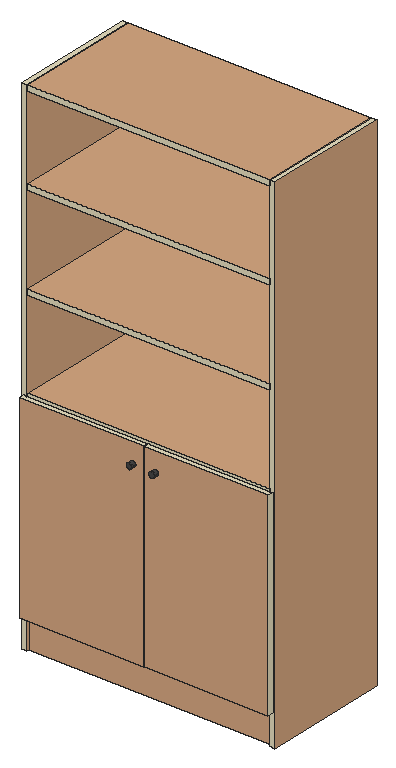
Revit family "f091ae7aadca416c97466cd7a7d3aab0", category Mobilier, Revit 2021
Family settings
  Basée sur le plan de construction = Non
  Toujours verticalement = Oui
  Couper avec des vides une fois chargée = Non
  Partagée = Non
  Point de calcul de pièce = Non
Parameters (values of type "900mm x 450mm")
  Poignée = Plastique - Noir
  Elévation par défaut = 0 mm
  Profondeur = 450 mm
  Chants = Bois - Mélaminé beige
  Panneaux = Bois - Mélaminé brun
  Largeur = 900 mm
  Hauteur = 1800 mm
Reference planes
  plane 1 "Centre (avant/arrière)": y = 50
  plane 2: z = 0
  plane 3 "Centre (gauche/droite)": x = 100
  plane 4: x = -350
  plane 5: x = 550
  plane 6 "F": y = 275
  plane 7 "A": y = -175
  plane 8 "HP": z = 100
  plane 9 "H": z = 1800
  plane 10: z = 800
  plane 11: x = 60
  plane 12: x = 140
  plane 13: z = 1133.333
  plane 14: z = 1466.667
  plane 15: z = 740
  plane 16: z = 1781
Forms (mm)
  Extrusion 1, solid, material "Bois - Mélaminé brun" <- "Panneaux"
    sketch origin (0, 0, 0) x (1, 0, 0) y (0, 1, 0)
      loop
        line (-350, -175) -> (-331, -175) -> (-331, 275) -> (-350, 275) -> (-350, -175)
      loop
        line (531, 275) -> (531, -175) -> (550, -175) -> (550, 275) -> (531, 275)
    from 0 to 1800
  Extrusion 2, solid, material "Bois - Mélaminé brun" <- "Panneaux"
    sketch origin (0, 0, 0) x (1, 0, 0) y (0, 1, 0)
      loop
        line (-331, -165) -> (531, -165) -> (531, -146) -> (-331, -146) -> (-331, -165)
    from 0 to 100
  Extrusion 3, solid, material "Bois - Mélaminé brun" <- "Panneaux"
    sketch origin (0, 0, 0) x (1, 0, 0) y (0, 1, 0)
      loop
        line (-331, 265) -> (531, 265) -> (531, 275) -> (-331, 275) -> (-331, 265)
    from 0 to 1781
  Extrusion 4, solid, material "Bois - Mélaminé brun" <- "Panneaux"
    sketch origin (0, 0, 1800) x (0, -1, 0) y (1, 0, 0)
      loop
        line (-275, -331) -> (175, -331) -> (175, 531) -> (-275, 531) -> (-275, -331)
    from 0 to -19
  Extrusion 5, solid, material "Bois - Mélaminé brun" <- "Panneaux"
    sketch origin (0, 275, 0) x (1, 0, 0) y (0, 0, 1)
      loop
        line (-331, 1466.667) -> (531, 1466.667) -> (531, 1485.667) -> (-331, 1485.667) -> (-331, 1466.667)
      loop
        line (-331, 1133.333) -> (531, 1133.333) -> (531, 1152.333) -> (-331, 1152.333) -> (-331, 1133.333)
      loop
        line (-331, 800) -> (531, 800) -> (531, 819) -> (-331, 819) -> (-331, 800)
      loop
        line (-331, 100) -> (531, 100) -> (531, 119) -> (-331, 119) -> (-331, 100)
    from 10 to 450
  Extrusion 6, solid, material "Bois - Mélaminé brun" <- "Panneaux"
    sketch origin (0, -175, 0) x (1, 0, 0) y (0, 0, 1)
      loop
        line (-340, 810) -> (-340, 109) -> (98, 109) -> (98, 810) -> (-340, 810)
      loop
        line (540, 810) -> (102, 810) -> (102, 109) -> (540, 109) -> (540, 810)
    from 0 to 19
  Extrusion 7, solid, material "Plastique - Noir" <- "Poignée", detail levels fine
    sketch origin (0, -175, 0) x (1, 0, 0) y (0, 0, 1)
      loop
        circle (60, 740) r 10
      loop
        circle (140, 740) r 10
    from 19 to 34
Dimensions and locks
  equal spacing: plane 4, plane 3 "Centre (gauche/droite)", plane 5
  equal spacing: plane 7 "A", plane 1 "Centre (avant/arrière)", plane 6 "F"
  "Largeur": plane 4 to plane 5
  "Profondeur": plane 7 "A" to plane 6 "F"
  locked: plane 8 "HP" to level at 100
  "Hauteur": plane 9 "H" to level
  locked: plane 10 to plane 8 "HP" at 700
  locked: plane 4 to Extrusion 1 sketch curve at 19
  locked: Extrusion 1 sketch curve to plane 5 at 19
  locked: plane 4 to Extrusion 2 sketch curve at 19
  locked: Extrusion 2 sketch curve to plane 5 at 19
  locked: Extrusion 2 sketch curve to Extrusion 2 sketch curve at 19
  locked: plane 7 "A" to Extrusion 2 sketch curve at 10
  equal spacing: plane 9 "H", plane 14, plane 13, plane 10
  locked: Extrusion 3 sketch curve to Extrusion 3 sketch curve at 10
  locked: plane 4 to Extrusion 3 sketch curve at 19
  locked: Extrusion 3 sketch curve to plane 5 at 19
  locked: Extrusion 5 sketch curve to Extrusion 5 sketch curve at 19  (x4)
  locked: Extrusion 5 sketch curve to plane 4 at 19
  locked: plane 5 to Extrusion 5 sketch curve at 19
  locked: Extrusion 6 sketch curve to plane 10 at 10  (x2)
  locked: Extrusion 6 sketch curve to plane 4 at 10
  locked: plane 3 "Centre (gauche/droite)" to Extrusion 6 sketch curve at 2
  locked: Extrusion 6 sketch curve to plane 8 "HP" at 9  (x2)
  locked: plane 5 to Extrusion 6 sketch curve at 10
  locked: Extrusion 6 sketch curve to plane 3 "Centre (gauche/droite)" at 2
  plane 11 to plane 3 "Centre (gauche/droite)" to plane 12 = 40 mm locked, 40 mm locked
  locked: plane 10 to plane 15 at 60
  locked: plane 9 "H" to plane 16 at 19
  aligned and locked: Extrusion 1 sketch curve to plane 6 "F"
  aligned and locked: plane 7 "A" to Extrusion 1 sketch curve
  aligned and locked: Extrusion 1 sketch curve to plane 4
  aligned and locked: plane 6 "F" to Extrusion 1 sketch curve
  aligned and locked: Extrusion 1 sketch curve to plane 7 "A"
  aligned and locked: Extrusion 1 sketch curve to plane 5
  aligned and locked: Extrusion 1 to plane 9 "H"
  aligned and locked: plane 8 "HP" to Extrusion 2
  aligned and locked: Extrusion 3 sketch curve to plane 6 "F"
  aligned and locked: plane 6 "F" to Extrusion 4 sketch curve
  aligned and locked: Extrusion 4 sketch curve to plane 7 "A"
  aligned and locked: Extrusion 4 sketch curve to Extrusion 1  (x2)
  aligned and locked: Extrusion 3 to Extrusion 4
  aligned and locked: Extrusion 5 sketch curve to Extrusion 5 sketch curve  (x6)
  aligned and locked: plane 14 to Extrusion 5 sketch curve
  aligned and locked: plane 13 to Extrusion 5 sketch curve
  aligned and locked: Extrusion 5 sketch curve to plane 10
  aligned and locked: Extrusion 5 sketch curve to plane 8 "HP"
  aligned and locked: plane 7 "A" to Extrusion 5
  aligned and locked: Extrusion 4 to plane 16
Automatic sketch dimensions
  Extrusion 7 sketch curve to plane 11 = 0 mm
  Extrusion 7 sketch curve to plane 12 = 0 mm
  Extrusion 7 sketch curve to plane 15 = 0 mm  (x2)
  radius of Extrusion 7 sketch curve = 10 mm  (x2)
